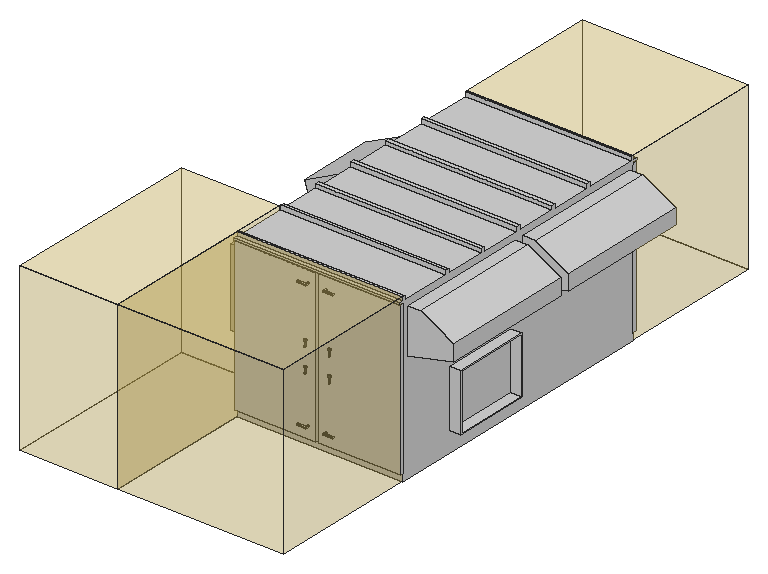
Revit family "Ventilator-RenewAire-Energy-Recovery-LE6XRTH", category Mechanical Equipment, Revit 2015
Parameters (values of type "3.0 HP 208-230V Single Phase")
  Voltage = "208-230"
  Ventilation Type = "Static Plate, Heat and Humidity Transfer"
  Unit Width = "125-1/2\""
  Unit Weight - Modular = "1,017 - 1,461 lbs."
  Unit Weight - Assembled = "2,086 - 2,753 lbs."
  Unit Length = "111-1/4\""
  Unit Height = "71-1/4\""
  Unit = Metal - RenewAire - Anodized - Gray Text
  URL = "www.renewaire.com"
  Typical Airflow Range = "1,500 - 6,600 CFM"
  Standard Features = "TEFC Premium efficiency motors, Motor starters, Non-fused disconnect, 24 VAC transformer/relay package"
  Shipping Weight - Assembled = "3,035 lbs."
  Service Area Visibility = yes
  Service Area Box = Interference - RenewAire - Smooth - Light - Gold
  Revit Object Download Link = ""
  Phase = "Single"
  Options = "Integrated programmable controls, Fused disconnect, Double wall construction, Factory supplied and mounted variable frequency drives (VFDs) - one or both airstreams, Class 1 low-leakage motorized isolation dampers - OA, RA or both airstreams, Qty. 2 Factory mounted filter alarms, Exterior Paint - white, custom colors, Spring Vibration Isolators"
  Number Motors = "Qty. 2, Belt drive blower/ standard motor packages with choice of adjustable sheaves for low, medium or high blower speed"
  Model = "LE6XRTH"
  Minimum Circuit Amps = "33.1 A"
  Maximum Overcurrent Protection = "40 A"
  Max. Shipping Height - Modular = "78\""
  Max. Shipping Width - Assembled = "90\""
  Max. Shipping Weight - Module 2 = "1,491 lbs."
  Max. Shipping Weight - Module 1 = "1,602 lbs."
  Max. Shipping Width - Modular = "90\""
  Max. Shipping Length - Assembled = "160\""
  Max. Shipping Length - Modular = "80\""
  Max. Shipping Height - Assembled = "78\""
  Manufacturer = "RenewAire LLC"
  Frequency = "60 HZ"
  FLA per Motor = "14.7 - 14"
  Description = "Energy Recovery Ventilator"
  Connector Base Material = Glass - With - Transparency
  Accessories = "Filters - MERV 13, 2\" or 4\"; MERV 8, 4\"  (shipped loose), Roof curb - standard 14\", Curb wind clip, Engineered combo curb for Carrier RTU, Engineered combo curb for Trane RTU, Digital time clock - wall mount(TC7D-W), in exterior enclosure (TC7D-E), Motion occupancy control - ceiling mount(MC-C), wall mount(MC-W), Carbon Dioxide control - wall mount(CO2-W), duct mount (CO2-D), Electric duct heater – EK series (1-60 kW), EH series (61-175 kW); designed for indoor ductwork installation only, Indirect gas-fired duct furnace - GH series (50-400 MBH), installed downstream of any fans"
  AHRI 1060 Certified Core = "Six L125-G5"
Types (11): name | Voltage | Phase | Minimum Circuit Amps | Maximum Overcurrent Protection | FLA per Motor
  (no name) | "208-230" | "Single" | "33.1 A" | "40 A" | "14.7 - 14"
  3.0 HP 208-230V Single Phase | "208-230" | "Single" | "33.1 A" | "40 A" | "14.7 - 14"
  3.0 HP 208-230V Three Phase | "208-230" | "Three" | "21.1 A" | "25 A" | "9.38-8.48"
  3.0 HP 460V Three Phase | "460" | "Three" | "9.5 A" | "15 A" | "4.24"
  3.0 HP 575V Three Phase | "575" | "Three" | "7.4 A" | "15 A" | "3.3"
  5.0 HP 208-230V Three Phase | "208-230" | "Three" | "32.6 A" | "45 A" | "14.5-13.4"
  5.0 HP 460V Three Phase | "460" | "Three" | "15.1 A" | "20 A" | "6.7"
  5.0 HP 575V Three Phase | "575" | "Three" | "11.9 A" | "15 A" | "5.3"
  7.5 HP 208-230V Three Phase | "208-230" | "Three" | "47.3 A" | "60 A" | "21.0-19.0"
  7.5 HP 460V Three Phase | "460" | "Three" | "21.4 A" | "25 A" | "9.5"
  7.5 HP 575V Three Phase | "575" | "Three" | "17.1 A" | "20 A" | "7.6"
Reference planes (in)
  plane 1 "Center (Front/Back)": y = 0
  plane 2: z = 0
  plane 3 "Center (Left/Right)": x = 0
Forms (in)
  Extrusion 1, solid, material "Metal - RenewAire - Anodized - Gray Text"
    sketch origin (-0.48313, -5.9375, 75.0345) x (1, 0, 0) y (0, 0, -1)
      loop
        circle (-3.25, 67.0345) r 0.25
    from -56.3125 to -55.5625
  Extrusion 2, solid, material "Metal - RenewAire - Anodized - Gray Text"
    sketch origin (-0.48313, -5.9375, 75.0345) x (0, 1, 0) y (0, 0, -1)
      loop
        line (-56.3125, 67.2845) -> (-57.1875, 67.2845) -> (-57.1875, 66.7845) -> (-56.3125, 66.7845) -> (-56.3125, 67.2845)
    from 2.95437 to 7.02735
  Extrusion 3, solid, material "Metal - RenewAire - Anodized - Gray Text"
    sketch origin (-0.4375, -5.9375, 128.569) x (1, 0, 0) y (0, 0, -1)
      loop
        circle (-3.25, 67.0345) r 0.25
    from -56.3125 to -55.5625
  Extrusion 4, solid, material "Metal - RenewAire - Anodized - Gray Text"
    sketch origin (-0.48313, -5.9375, 128.569) x (0, 1, 0) y (0, 0, -1)
      loop
        line (-56.3125, 67.2845) -> (-57.1875, 67.2845) -> (-57.1875, 66.7845) -> (-56.3125, 66.7845) -> (-56.3125, 67.2845)
    from 2.95437 to 7.02735
  Extrusion 5, solid, material "Interference - RenewAire - Smooth - Light - Gold", visible <- "Service Area Visibility"
    sketch origin (19.25, 0, 0) x (1, 0, 0) y (0, 1, 0)
      loop
        line (-53.875, -38.125) -> (-94.8125, -38.125) -> (-94.8125, -122.25) -> (-53.875, -122.25) -> (-53.875, -38.125)
    from 0 to 69.25
  Extrusion 6, solid, material "Interference - RenewAire - Smooth - Light - Gold", visible <- "Service Area Visibility"
    sketch origin (0, -45.75, 0) x (1, 0, 0) y (0, 1, 0)
      loop
        line (34.625, -14.25) -> (-34.625, -14.25) -> (-34.625, -76.5) -> (34.625, -76.5) -> (34.625, -14.25)
    from 0 to 69.25
  Extrusion 7, solid, material "Metal - RenewAire - Anodized - Gray Text"
    sketch origin (0, 0, 0) x (0, 1, 0) y (0, 0, 1)
      loop
        line (59.25, 67.5) -> (37.55, 67.5) -> (37.55, 69.25) -> (36.05, 69.25) -> (36.05, 67.5) -> (19.15, 67.5) -> (19.15, 69.25) -> (17.65, 69.25) -> (17.65, 67.5) -> (0.75, 67.5) -> (0.75, 69.25) -> (-0.75, 69.25) -> (-0.75, 67.5) -> (-17.65, 67.5) -> (-17.65, 69.25) -> (-19.15, 69.25) -> (-19.15, 67.5) -> (-36.05, 67.5) -> (-36.05, 69.25) -> (-37.55, 69.25) -> (-37.55, 67.5) -> (-59.25, 67.5) -> (-59.25, 69.25) -> (-60, 69.25) -> (-60, 67.75) -> (-62, 67.75) -> (-62, 67) -> (-60, 67) -> (-60, 0) -> (60, 0) -> (60, 67) -> (62, 67) -> (62, 67.75) -> (60, 67.75) -> (60, 69.25) -> (59.25, 69.25) -> (59.25, 67.5)
    from -34.625 to 34.625
  Extrusion 8, solid, material "Interference - RenewAire - Smooth - Light - Gold", visible <- "Service Area Visibility"
    sketch origin (0, -32.65268, 0) x (1, 0, 0) y (0, 1, 0)
      loop
        line (34.625, 152.90268) -> (-34.625, 152.90268) -> (-34.625, 92.65268) -> (34.625, 92.65268) -> (34.625, 152.90268)
    from 0 to 69.25
  Extrusion 9, solid, material "Metal - RenewAire - Anodized - Gray Text"
    sketch origin (0, 0, 0) x (1, 0, 0) y (0, 0, 1)
      loop
        line (-34.625, 66.5) -> (-34.625, 3) -> (-0.5625, 3) -> (-0.5625, 66.5) -> (-34.625, 66.5)
    from 60 to 61.5
  Extrusion 10, solid, material "Metal - RenewAire - Anodized - Gray Text"
    sketch origin (-6.80202, 0, 0) x (1, 0, 0) y (0, 0, 1)
      loop
        line (7.36452, 66.5) -> (7.36452, 3) -> (41.42702, 3) -> (41.42702, 66.5) -> (7.36452, 66.5)
    from 60 to 61.5
  Extrusion 11, solid, material "Metal - RenewAire - Anodized - Gray Text"
    sketch origin (0, 0, 0) x (1, 0, 0) y (0, 0, 1)
      loop
        line (-34.625, 66.5) -> (-34.625, 3) -> (-0.5625, 3) -> (-0.5625, 66.5) -> (-34.625, 66.5)
    from -61.5 to -60
  Extrusion 12, solid, material "Metal - RenewAire - Anodized - Gray Text"
    sketch origin (-6.80202, 0, 0) x (1, 0, 0) y (0, 0, 1)
      loop
        line (7.36452, 66.5) -> (7.36452, 3) -> (41.42702, 3) -> (41.42702, 66.5) -> (7.36452, 66.5)
    from -61.5 to -60
  Extrusion 13, solid, material "Metal - RenewAire - Anodized - Gray Text"
    sketch origin (0, 0, 0) x (0, 1, 0) y (0, 0, 1)
      loop
        line (-38.125, 62) -> (-57.5, 62) -> (-57.5, 29.625) -> (-38.125, 29.625) -> (-38.125, 62)
    from -39.5625 to -34.625
  Extrusion 14, solid, material "Metal - RenewAire - Anodized - Gray Text"
    sketch origin (0, 0, 0) x (0, 1, 0) y (0, 0, 1)
      loop
        line (-49, 43.625) -> (-51.5, 43.625) -> (-51.5, 41.125) -> (-49, 41.125) -> (-49, 43.625)
    from -39.8125 to -39.5625
  Extrusion 15, solid, material "Metal - RenewAire - Anodized - Gray Text"
    sketch origin (0, 0, 0) x (0, 1, 0) y (0, 0, 1)
      loop
        circle (-50.24745, 42.375) r 1
    from -40.8125 to -39.8125
  Extrusion 16, solid, material "Metal - RenewAire - Anodized - Gray Text"
    sketch origin (0.48313, -5.9375, 75.0345) x (-1, 0, 0) y (0, 0, 1)
      loop
        circle (-3.25, -67.0345) r 0.25
    from -56.3125 to -55.5625
  Extrusion 17, solid, material "Metal - RenewAire - Anodized - Gray Text"
    sketch origin (0.48313, -5.9375, 75.0345) x (0, 1, 0) y (0, 0, 1)
      loop
        line (-56.3125, -67.2845) -> (-56.3125, -66.7845) -> (-57.1875, -66.7845) -> (-57.1875, -67.2845) -> (-56.3125, -67.2845)
    from 2.95437 to 7.02735
  Extrusion 18, solid, material "Metal - RenewAire - Anodized - Gray Text"
    sketch origin (0.4375, -5.9375, 128.569) x (-1, 0, 0) y (0, 0, 1)
      loop
        circle (-3.25, -67.0345) r 0.25
    from -56.3125 to -55.5625
  Extrusion 19, solid, material "Metal - RenewAire - Anodized - Gray Text"
    sketch origin (0.48313, -5.9375, 128.569) x (0, 1, 0) y (0, 0, 1)
      loop
        line (-56.3125, -67.2845) -> (-56.3125, -66.7845) -> (-57.1875, -66.7845) -> (-57.1875, -67.2845) -> (-56.3125, -67.2845)
    from 2.95437 to 7.02735
  Extrusion 20, solid, material "Metal - RenewAire - Anodized - Gray Text"
    sketch origin (-0.48313, 5.9375, 75.0345) x (1, 0, 0) y (0, 0, 1)
      loop
        circle (-3.25, -67.0345) r 0.25
    from -56.3125 to -55.5625
  Extrusion 21, solid, material "Metal - RenewAire - Anodized - Gray Text"
    sketch origin (-0.48313, 5.9375, 75.0345) x (0, -1, 0) y (0, 0, 1)
      loop
        line (-56.3125, -67.2845) -> (-56.3125, -66.7845) -> (-57.1875, -66.7845) -> (-57.1875, -67.2845) -> (-56.3125, -67.2845)
    from 2.95437 to 7.02735
  Extrusion 22, solid, material "Metal - RenewAire - Anodized - Gray Text"
    sketch origin (-0.4375, 5.9375, 128.569) x (1, 0, 0) y (0, 0, 1)
      loop
        circle (-3.25, -67.0345) r 0.25
    from -56.3125 to -55.5625
  Extrusion 23, solid, material "Metal - RenewAire - Anodized - Gray Text"
    sketch origin (-0.48313, 5.9375, 128.569) x (0, -1, 0) y (0, 0, 1)
      loop
        line (-56.3125, -67.2845) -> (-56.3125, -66.7845) -> (-57.1875, -66.7845) -> (-57.1875, -67.2845) -> (-56.3125, -67.2845)
    from 2.95437 to 7.02735
  Extrusion 24, solid, material "Metal - RenewAire - Anodized - Gray Text"
    sketch origin (0.48313, 5.9375, 75.0345) x (-1, 0, 0) y (0, 0, -1)
      loop
        circle (-3.25, 67.0345) r 0.25
    from -56.3125 to -55.5625
  Extrusion 25, solid, material "Metal - RenewAire - Anodized - Gray Text"
    sketch origin (0.48313, 5.9375, 75.0345) x (0, -1, 0) y (0, 0, -1)
      loop
        line (-56.3125, 67.2845) -> (-57.1875, 67.2845) -> (-57.1875, 66.7845) -> (-56.3125, 66.7845) -> (-56.3125, 67.2845)
    from 2.95437 to 7.02735
  Extrusion 26, solid, material "Metal - RenewAire - Anodized - Gray Text"
    sketch origin (0.4375, 5.9375, 128.569) x (-1, 0, 0) y (0, 0, -1)
      loop
        circle (-3.25, 67.0345) r 0.25
    from -56.3125 to -55.5625
  Extrusion 27, solid, material "Metal - RenewAire - Anodized - Gray Text"
    sketch origin (0.48313, 5.9375, 128.569) x (0, -1, 0) y (0, 0, -1)
      loop
        line (-56.3125, 67.2845) -> (-57.1875, 67.2845) -> (-57.1875, 66.7845) -> (-56.3125, 66.7845) -> (-56.3125, 67.2845)
    from 2.95437 to 7.02735
  Extrusion 28, solid, material "Metal - RenewAire - Anodized - Gray Text"
    sketch origin (0, 0, 0) x (0, 1, 0) y (0, 0, 1)
      loop
        line (-4.125, 33) -> (-36.25, 33) -> (-36.25, 9) -> (-4.125, 9) -> (-4.125, 33)
      loop
        line (-4.375, 32.75) -> (-36, 32.75) -> (-36, 9.25) -> (-4.375, 9.25) -> (-4.375, 32.75)
    from -36.625 to -34.625
  Extrusion 29, solid, material "Metal - RenewAire - Anodized - Gray Text"
    sketch origin (0, 0, 0) x (0, 1, 0) y (0, 0, 1)
      loop
        line (-36.125, 32.75) -> (-36.125, 8.75) -> (-4.125, 8.75) -> (-4.125, 32.75) -> (-36.125, 32.75)
      loop
        line (-35.875, 32.5) -> (-35.875, 9) -> (-4.375, 9) -> (-4.375, 32.5) -> (-35.875, 32.5)
    from 34.625 to 39.625
  Extrusion 30, void
    sketch origin (0, 0, 0) x (1, 0, 0) y (0, 1, 0)
      loop
        line (-23.8125, -16) -> (-23.8125, -35.25) -> (-7.6875, -35.25) -> (-7.6875, -16) -> (-23.8125, -16)
    from -2.22657 to 4.75
  Extrusion 31, void
    sketch origin (0, 0, 0) x (1, 0, 0) y (0, 1, 0)
      loop
        line (3, -5.75) -> (3, -37.25) -> (27, -37.25) -> (27, -5.75) -> (3, -5.75)
    from -2.22657 to 4.75
  Extrusion 32, solid, material "Metal - RenewAire - Anodized - Gray Text"
    sketch origin (0, 0, 0) x (1, 0, 0) y (0, 0, 1)
      loop
        line (-34.625, 64.375) -> (-56.875, 53.375) -> (-51.875, 37) -> (-34.625, 37) -> (-34.625, 64.375)
    from -34.75 to -2.75
  Extrusion 33, solid, material "Metal - RenewAire - Anodized - Gray Text"
    sketch origin (0, 0, 0) x (1, 0, 0) y (0, 0, 1)
      loop
        line (34.625, 65) -> (34.625, 46) -> (54.25, 51) -> (54.25, 57.5) -> (40.375, 65) -> (34.625, 65)
    from 2 to 58
  Extrusion 34, solid, material "Metal - RenewAire - Anodized - Gray Text"
    sketch origin (0, 0, 0) x (1, 0, 0) y (0, 0, 1)
      loop
        line (34.625, 65) -> (34.625, 46) -> (54.25, 51) -> (54.25, 57.5) -> (40.375, 65) -> (34.625, 65)
    from -58 to -2
  Extrusion 35, void
    sketch origin (0, 0, 0) x (1, 0, 0) y (0, 1, 0)
      loop
        line (-34.125, 59.5) -> (-34.125, -59.5) -> (34.125, -59.5) -> (34.125, 59.5) -> (-34.125, 59.5)
    from 0 to 4.625
Cuts and joins
  Extrusion 30, Extrusion 31, Extrusion 35 cuts Extrusion 7
Dimensions and locks (in)
  aligned and locked: level to plane 2
  aligned and locked: Extrusion 6 to Extrusion 10
  aligned and locked: Extrusion 6 to Extrusion 12
  aligned and locked: Extrusion 6 to Extrusion 7  (x2)
Nested families (in)
  nested 1: "Monitoring Port" at (-5.0625, -61.5, 27.071), type "Monitoring Port"
  nested 2: "Monitoring Port" at (-5.0625, -61.5, 37.1055), type "Monitoring Port"
  nested 3: "Monitoring Port" at (5.0625, -61.5, 27.071) x (-1, 0, 0) z (0, 0, 1), type "Monitoring Port"
  nested 4: "Monitoring Port" at (5.0625, -61.5, 37.1055) x (-1, 0, 0) z (0, 0, 1), type "Monitoring Port"
  nested 5: "Monitoring Port" at (-5.0625, 61.5, 27.071), type "Monitoring Port"
  nested 6: "Monitoring Port" at (-5.0625, 61.5, 37.1055), type "Monitoring Port"
  nested 7: "Monitoring Port" at (5.0625, 61.5, 27.071) x (-1, 0, 0) z (0, 0, 1), type "Monitoring Port"
  nested 8: "Monitoring Port" at (5.0625, 61.5, 37.1055) x (-1, 0, 0) z (0, 0, 1), type "Monitoring Port"
Connectors (in)
  hvac at (34.625, -20.125, 20.75)
    settings: on Extrusion 29, index 1, duct flow 0 CFM, flow factor 0, pres drop 0.00 in-wg, loss coef 0, conn angle 0.00°, conn width 32", conn height 24", conn diameter 24", duct sys type 2, conn prof type 1, flow config 0, flow direction 1, loss method 0, conn ref index -1, conn util no, is conn primary yes, conn desc "RA (Return Air)"
  hvac at (-34.625, -20.1875, 21)
    settings: on Extrusion 28, index 2, duct flow 0 CFM, flow factor 0, pres drop 0.00 in-wg, loss coef 0, conn angle 0.00°, conn width 32", conn height 24", conn diameter 24", duct sys type 1, conn prof type 1, flow config 0, flow direction 2, loss method 0, conn ref index -1, conn util no, is conn primary no, conn desc "FA (Fresh Air)"
Definition of nested family "Monitoring Port"
  Parameters (values of type "Monitoring Port")
    URL = "www.renewaire.com"
    Revit Object Download Link = ""
    Model = ""
    Manufacturer = "RenewAire LLC"
    Description = "Monitoring Ports"
  Reference planes (in)
    plane 1 "Center (Front/Back)": y = 0
    plane 2: z = 0
    plane 3 "Center (Left/Right)": x = 0
  Forms (in)
    Extrusion 1, solid
      sketch origin (-9.43348, 0, 37.76669) x (-1, 0, 0) y (0, 0, -1)
        loop
          line (-9.53348, 35.65895) -> (-9.94097, 35.42369) -> (-9.94097, 34.83769) -> (-9.43348, 34.54469) -> (-8.92599, 34.83769) -> (-8.92599, 35.42369) -> (-9.33348, 35.65895) -> (-9.33348, 37.28756)
          arc (-9.33348, 37.28756) -> (-9.43348, 37.76669) -> (-9.53348, 37.28756) r 0.25
          line (-9.53348, 37.28756) -> (-9.53348, 35.65895)
      from 0 to 0.25
  Dimensions and locks (in)
    aligned and locked: level to plane 2
